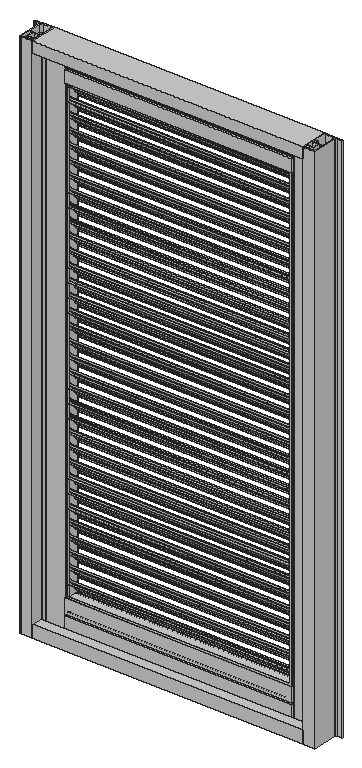
Revit family
Parameters (values of type "OHL-Louver Door")
  Width = Opening Width - 10.00 mm  # 1090.00 mm
  URL = "http://www.productspec.net/products/18508/holyoake-industries-ltd/louver-door-ohl-louver-door.aspx"
  Type Comments = "Louvre Door System"  # constant formula
  Tolerance = 3.00 mm  # constant formula
  Thickness = Door Post Depth  # 47.00 mm
  Technical Data = "http://www.productspec.net/products/18508/holyoake-industries-ltd/louver-door-ohl-louver-door.aspx"
  Structural Tolerance = 5.00 mm  # constant formula
  Rough Width = Width  # 1090.00 mm
  Rough Height = Height  # 1980.00 mm
  Overall Width = Opening Width + 40.00 mm  # 1140.00 mm
  Opening Width = 1100.00 mm
  Nominal Width = Overall Width + 10.00 mm  # 1150.00 mm
  Nominal Height = Height + 10.00 mm  # 1990.00 mm
  Model = "OHL - Louvre Door"  # constant formula
  Material Frame = Louver Door - Holyoake - Frame, Aluminium
  Material Handle = Louver Door - Holyoake - Handle, Stainless Steel
  Manufacturer = "Holyoake Industries Ltd"  # constant formula
  Louvre Width = Width - 2 * (Door Jamb Width + Door Post Width + 2 * Tolerance)  # 835.00 mm
  Louvre Offset = Frame Transom Width + Structural Tolerance + Door Transom Width  # 136.00 mm
  Louvre Height = Height - 2 * Louvre Offset  # 1708.00 mm
  Louvre Door Panel Width = Width - 2 * (Door Jamb Width + Tolerance)  # 995.00 mm
  Lock = "Standard Lockwood Set"  # constant formula
  Wall Closure = (empty or 0)
  Height = 1980.00 mm
  Handle Z Distance = 900.00 mm
  Front of Door = "Rubber seal on the closing face"  # constant formula
  Frame Transom Width = 20.00 mm  # constant formula
  Flange Width = 25.00 mm  # constant formula
  Door Transom Width = 111.00 mm  # constant formula
  Door Post Width = 77.00 mm  # constant formula
  Door Post Depth = 47.00 mm  # constant formula
  Door Jamb Width = 44.50 mm  # constant formula
  Door Jamb Depth = 101.00 mm  # constant formula
  Door Hinge = "Stainless Steel"  # constant formula
  Door Handle Offset = Overall Width - Flange Width - Door Jamb Width - 3 * Tolerance - Door Post Width - Louvre Width - 49.05 mm  # 100.45 mm
  Description = "Holyoake Louvre Door System"  # constant formula
  Created By = "Productspec Ltd"  # constant formula
  Construction Type = "Extruded aluminium box section to provide the strength required to hang a large louvre door"  # constant formula
  Author = "Zinder Zhao"  # constant formula
Reference planes
  plane 1: y = 0
  plane 2 "Center (Left/Right)": x = 11
  plane 3 "Exterior": y = 75
  plane 4 "Interior": y = -75
  plane 5 "Opening Top": z = 1980
  plane 6 "Structural Tolerance - Door Head": z = 1955
  plane 7 "Under Cut": z = 0
  plane 8: y = 33
  plane 9: z = 990
  plane 10: z = 1960
  plane 11: z = 20
  plane 12: z = 136
  plane 13: z = 1844
  plane 14: z = 25
  plane 15: x = -539
  plane 16: x = 561
  plane 17: x = -534
  plane 18: y = -21
  plane 19: x = -489.5
  plane 20: x = -409.5
  plane 21: x = -559
  plane 22: x = 556
  plane 23: x = 511.5
  plane 24: x = 431.5
  plane 25: x = 581
  plane 26: y = 1075
  plane 27: x = -406.5
  plane 28: x = 428.5
  plane 29: x = -486.5
  plane 30: x = 508.5
  plane 31 "Door Panel": y = 80
  plane 32: x = 480.55
  plane 33: y = 1175
  plane 34: z = 900
  plane 35: x = -564
  plane 36: x = 586
  plane 37: z = 1990
Forms (mm)
  Extrusion 1, solid, material "Louver Door - Holyoake - Frame, Aluminium" <- "Material Frame"
    sketch origin (11, -3, 0) x (0, -1, 0) y (0, 0, -1)
      loop
        line (-83, -1980) -> (18, -1980) -> (18, -1939.95) -> (-18.4, -1939.95) -> (-18.4, -1960) -> (-83, -1960) -> (-83, -1980)
      loop
        line (-83, 0) -> (-83, -20) -> (-18.4, -20) -> (-18.4, -45.05) -> (18, -45.05) -> (18, 0) -> (-83, 0)
    from -500.5 to 500.5
  Extrusion 2, solid, material "Louver Door - Holyoake - Frame, Aluminium" <- "Material Frame", detail levels fine
    sketch origin (0, 3, 0) x (1, 0, 0) y (0, 1, 0)
      loop
        line (508.5, 30) -> (508.5, 77) -> (509.593, 83.077)
        arc (509.593, 83.077) -> (510.307, 84.147) -> (511.526, 84.561) r 2.001
        line (511.526, 84.561) -> (512.853, 84.561) -> (512.853, 77) -> (518.011, 77) -> (518.011, 84.561) -> (519.34, 84.561) -> (519.34, 88.277) -> (510.45, 88.277)
        arc (510.45, 88.277) -> (509.232, 87.864) -> (508.517, 86.796) r 2.002
        line (508.517, 86.796) -> (506.827, 78.484)
        arc (506.827, 78.484) -> (506.112, 77.414) -> (504.893, 77) r 2.002
        line (504.893, 77) -> (431.5, 77) -> (431.5, 74) -> (433, 74) -> (433, 66) -> (431.5, 66) -> (431.5, 41) -> (433, 41) -> (433, 33) -> (431.5, 33) -> (431.5, 30) -> (508.5, 30)
      loop
        line (506.5, 32) -> (506.5, 75) -> (435, 75) -> (435, 64) -> (433.5, 64) -> (433.5, 43) -> (435, 43) -> (435, 32) -> (506.5, 32)
    from 25 to 1955
  Extrusion 3, solid, material "Louver Door - Holyoake - Frame, Aluminium" <- "Material Frame", detail levels fine
    sketch origin (11, 0, 0) x (0, -1, 0) y (0, 0, -1)
      loop
        line (-73, -1955) -> (-73, -1945) -> (-30.5, -1945) -> (-30.5, -1898.46) -> (-43.33, -1898.46) -> (-43.33, -1892)
        arc (-43.33, -1892) -> (-42.451, -1889.879) -> (-40.33, -1889) r 3
        line (-40.33, -1889) -> (-30.5, -1889) -> (-30.5, -1844) -> (-71.997, -1844) -> (-71.997, -1847) -> (-75, -1847) -> (-75, -1844) -> (-77, -1844) -> (-77, -1849) -> (-71.997, -1849) -> (-71.997, -1857) -> (-75, -1857) -> (-75, -1955) -> (-73, -1955)
      loop
        line (-32.5, -1943) -> (-32.5, -1926.46) -> (-59.81, -1926.46) -> (-59.81, -1900.46) -> (-73, -1900.46) -> (-73, -1943) -> (-32.5, -1943)
      loop
        line (-32.5, -1887) -> (-32.5, -1846) -> (-70, -1846) -> (-70, -1858.98) -> (-73, -1858.98) -> (-73, -1898.46) -> (-45.33, -1898.46) -> (-45.33, -1892)
        arc (-45.33, -1892) -> (-43.866, -1888.464) -> (-40.33, -1887) r 5
        line (-40.33, -1887) -> (-32.5, -1887)
      loop
        line (-32.5, -1900.46) -> (-57.81, -1900.46) -> (-57.81, -1924.46) -> (-32.5, -1924.46) -> (-32.5, -1900.46)
      loop
        line (-73, -25) -> (-75, -25) -> (-75, -123) -> (-71.997, -123) -> (-71.997, -131) -> (-77, -131) -> (-77, -136) -> (-75, -136) -> (-75, -133) -> (-71.997, -133) -> (-71.997, -136) -> (-30.5, -136) -> (-30.5, -86) -> (-40.33, -86)
        arc (-40.33, -86) -> (-42.451, -85.121) -> (-43.33, -83) r 3
        line (-43.33, -83) -> (-43.33, -76.54) -> (-30.5, -76.54) -> (-30.5, -35) -> (-73, -35) -> (-73, -25)
      loop
        line (-32.5, -37) -> (-73, -37) -> (-73, -74.54) -> (-59.81, -74.54) -> (-59.81, -48.54) -> (-32.5, -48.54) -> (-32.5, -37)
      loop
        line (-32.5, -88) -> (-40.33, -88)
        arc (-40.33, -88) -> (-43.866, -86.536) -> (-45.33, -83) r 5
        line (-45.33, -83) -> (-45.33, -76.54) -> (-73, -76.54) -> (-73, -121.02) -> (-70, -121.02) -> (-70, -134) -> (-32.5, -134) -> (-32.5, -88)
      loop
        line (-32.5, -74.54) -> (-32.5, -50.54) -> (-57.81, -50.54) -> (-57.81, -74.54) -> (-32.5, -74.54)
    from -420.5 to 420.5
  Sweep 4, solid, material "Louver Door - Holyoake - Frame, Aluminium" <- "Material Frame", detail levels fine
    path origin (0, 80, 0) x (-1, 0, 0) y (0, 0, 1)
      loop
        line (-556, 0) -> (-556, 1980)
    profile "Family1 : Family1" origin (556, 80, 990) x (-1, 0, 0) y (0, -1, 0)
      loop
        line (42.5, 61.46) -> (42.5, 85.46) -> (17.19, 85.46) -> (17.19, 61.46) -> (42.5, 61.46)
      loop
        line (42.5, 48) -> (34.67, 48)
        arc (34.67, 48) -> (31.134, 49.464) -> (29.67, 53) r 5
        line (29.67, 53) -> (29.67, 59.46) -> (2, 59.46) -> (2, 14.98) -> (5, 14.98) -> (5, 2) -> (42.5, 2) -> (42.5, 48)
      loop
        line (42.5, 99) -> (2, 99) -> (2, 61.46) -> (15.19, 61.46) -> (15.19, 87.46) -> (42.5, 87.46) -> (42.5, 99)
      loop
        line (0, 101) -> (0, 13) -> (3.003, 13) -> (3.003, 5) -> (-2, 5) -> (-2, 2) -> (-20.172, 2) -> (-22.172, 4) -> (-22.172, 5) -> (-25, 5) -> (-25, 4) -> (-21, 0) -> (0, 0) -> (0, 3) -> (3.003, 3) -> (3.003, 0) -> (44.5, 0) -> (44.5, 50) -> (34.67, 50)
        arc (34.67, 50) -> (32.549, 50.879) -> (31.67, 53) r 3
        line (31.67, 53) -> (31.67, 59.46) -> (44.5, 59.46) -> (44.5, 101) -> (0, 101)
  Sweep 5, solid, material "Louver Door - Holyoake - Frame, Aluminium", detail levels fine
    path origin (0, 80, 0) x (-1, 0, 0) y (0, 0, 1)
      loop
        line (534, 0) -> (534, 1980)
    profile "Family1 : Family1" origin (-534, 80, 990) x (-1, 0, 0) y (0, -1, 0)
      loop
        line (-42.5, 61.46) -> (-17.19, 61.46) -> (-17.19, 85.46) -> (-42.5, 85.46) -> (-42.5, 61.46)
      loop
        line (-42.5, 48) -> (-42.5, 2) -> (-5, 2) -> (-5, 14.98) -> (-2, 14.98) -> (-2, 59.46) -> (-29.67, 59.46) -> (-29.67, 53)
        arc (-29.67, 53) -> (-31.134, 49.464) -> (-34.67, 48) r 5
        line (-34.67, 48) -> (-42.5, 48)
      loop
        line (-42.5, 99) -> (-42.5, 87.46) -> (-15.19, 87.46) -> (-15.19, 61.46) -> (-2, 61.46) -> (-2, 99) -> (-42.5, 99)
      loop
        line (0, 101) -> (-44.5, 101) -> (-44.5, 59.46) -> (-31.67, 59.46) -> (-31.67, 53)
        arc (-31.67, 53) -> (-32.549, 50.879) -> (-34.67, 50) r 3
        line (-34.67, 50) -> (-44.5, 50) -> (-44.5, 0) -> (-3.003, 0) -> (-3.003, 3) -> (0, 3) -> (0, 0) -> (21, 0) -> (25, 4) -> (25, 5) -> (22.172, 5) -> (22.172, 4) -> (20.172, 2) -> (2, 2) -> (2, 5) -> (-3.003, 5) -> (-3.003, 13) -> (0, 13) -> (0, 101)
  Extrusion 6, solid, material "Louver Door - Holyoake - Frame, Aluminium" <- "Material Frame", detail levels fine
    sketch origin (22, 3, 0) x (-1, 0, 0) y (0, -1, 0)
      loop
        line (504.893, -30) -> (431.5, -30) -> (431.5, -33) -> (433, -33) -> (433, -41) -> (431.5, -41) -> (431.5, -66) -> (433, -66) -> (433, -74) -> (431.5, -74) -> (431.5, -77) -> (508.5, -77) -> (508.5, -30) -> (509.593, -23.923)
        arc (509.593, -23.923) -> (510.307, -22.853) -> (511.526, -22.439) r 2.001
        line (511.526, -22.439) -> (514.183, -22.439) -> (514.183, -21.439) -> (512.853, -21.439) -> (512.853, -19.723) -> (518.013, -19.723) -> (518.013, -21.439) -> (516.683, -21.439) -> (516.683, -22.439) -> (519.34, -22.439) -> (519.34, -18.723) -> (510.45, -18.723)
        arc (510.45, -18.723) -> (509.232, -19.136) -> (508.517, -20.204) r 2.002
        line (508.517, -20.204) -> (506.827, -28.516)
        arc (506.827, -28.516) -> (506.112, -29.586) -> (504.893, -30) r 2.002
      loop
        line (506.5, -32) -> (435, -32) -> (435, -43) -> (433.5, -43) -> (433.5, -64) -> (435, -64) -> (435, -75) -> (506.5, -75) -> (506.5, -32)
    from 25 to 1955
  Extrusion 7, solid, material "Louver Door - Holyoake - Frame, Aluminium", detail levels coarse+medium
    sketch origin (0, 0, 0) x (1, 0, 0) y (0, 1, 0)
      loop
        line (-489.5, 30.5) -> (511.5, 30.5) -> (511.5, 80) -> (-489.5, 80) -> (-489.5, 30.5)
    from 25 to 1955
  Extrusion 8, solid, material "Louver Door - Holyoake - Frame, Aluminium", detail levels coarse+medium
    sketch origin (0, 0, 0) x (1, 0, 0) y (0, 1, 0)
      loop
        line (-539, -21) -> (-489.5, -21) -> (-489.5, 80) -> (-539, 80) -> (-539, -21)
      loop
        line (511.5, -21) -> (561, -21) -> (561, 80) -> (511.5, 80) -> (511.5, -21)
    from 0 to 1980
Lines and regions (mm)
  Opening 1
    outline origin (-5000, -75, 0) x (1, 0, 0) y (0, 0, 1)
      loop
        line (4461, 0) -> (5561, 0) -> (5561, 1980) -> (4461, 1980) -> (4461, 0)
  Masking region 1, detail levels coarse
    outline origin (0, 0, 0) x (0, -1, 0) y (1, 0, 0)
      loop
        line (75, 561) -> (-80, 561) -> (-80, -539) -> (75, -539) -> (75, 561)
  model lines
    curve 1: line (-534, 75, 0) -> (-534, 75, 1955)
    curve 2: line (556, 75, 1955) -> (556, 75, 0)
  symbolic lines, style "Elevation Swing", detail levels coarse
    curve 3: arc (508.5, 80, 0) -> (217.071, 783.571, 0) -> (-486.5, 1075, 0) r 995
  symbolic lines, style "DoorsPanelProjection", detail levels medium+fine
    curve 4: line (-486.5, 1075, 0) -> (-486.5, 80, 0)
    curve 7: line (-486.5, 80, 0) -> (-436.9, 80, 0)
    curve 8: line (-436.9, 80, 0) -> (-436.9, 1075, 0)
    curve 9: line (-436.9, 1075, 0) -> (-486.5, 1075, 0)
  symbolic lines, style "Plan Swing", detail levels coarse
    curve 5: line (-539, 75, 0) -> (-539, 1175, 0)
    curve 6: arc (561, 75, 0) -> (238.817, 852.817, 0) -> (-539, 1175, 0) r 1100
  symbolic lines, style "Elevation Swing"
    curve 10: line (508.517, 80, 1955) -> (-406.5, 80, 990)
    curve 11: line (508.517, 80, 25) -> (-406.5, 80, 990)
Text (mm)
  text "Exterior" at (-2302.997, 772.319, 0), in view "Ref. Level"
  text "Exterior" at (0, 1615.38, 3698.081), in view "Left"
  text "Exterior" at (0, 1036.032, 3874.932), in view "Right"
Dimensions and locks
  locked: plane 3 "Exterior" to host wall at 0
  locked: host wall to plane 4 "Interior"
  "Height": plane 5 "Opening Top" to level
  equal spacing: plane 5 "Opening Top", plane 9, level
  "Structural Tolerance": plane 10 to plane 6 "Structural Tolerance - Door Head"
  "Structural Tolerance": plane 14 to plane 11
  "Door Transom Width": plane 12 to plane 14
  "Door Transom Width": plane 6 "Structural Tolerance - Door Head" to plane 13
  "Frame Transom Width": plane 11 to plane 7 "Under Cut"
  "Louvre Height": plane 13 to plane 12
  "Structural Tolerance": plane 15 to plane 17
  "Width": plane 17 to plane 22
  "Opening Width": plane 15 to plane 16
  "Overall Width": plane 21 to plane 25
  "Flange Width": plane 21 to plane 17
  "Tolerance": plane 20 to plane 27
  "Tolerance": plane 28 to plane 24
  "Tolerance": plane 19 to plane 29
  "Tolerance": plane 30 to plane 23
  equal spacing: plane 27, plane 2 "Center (Left/Right)", plane 28
  "Louvre Width": plane 27 to plane 28
  "Door Post Width": plane 24 to plane 30
  "Door Post Width": plane 29 to plane 20
  "Door Jamb Depth": plane 18 to plane 31 "Door Panel"
  "Door Jamb Width": plane 17 to plane 19
  "Louvre Door Panel Width": plane 31 "Door Panel" to plane 26
  "Door Handle Offset": plane 32 to plane 25
  "Opening Width": plane 33 to host wall
  "Handle Z Distance": plane 7 "Under Cut" to plane 34
  locked: plane 3 "Exterior" to plane 31 "Door Panel" at 5
  "Door Post Depth": plane 8 to plane 31 "Door Panel"
  locked: plane 25 to plane 36 at 5
  "Nominal Width": plane 35 to plane 36
  "Nominal Height": plane 7 "Under Cut" to plane 37
  "Louvre Door Panel Width": radius of curve 3
  "Opening Width": radius of curve 6
  aligned and locked: plane 1 to host wall
  aligned and locked: level to plane 7 "Under Cut"
  aligned and locked: nested 1 to plane 31 "Door Panel"
  aligned and locked: Extrusion 2 to plane 30
  aligned and locked: plane 24 to Extrusion 2
  aligned and locked: plane 31 "Door Panel" to Extrusion 2
  aligned and locked: nested 1 to plane 32
  aligned and locked: plane 23 to Extrusion 1
  aligned and locked: plane 19 to Extrusion 1
  aligned and locked: Extrusion 1 sketch curve to plane 18
  aligned and locked: plane 31 "Door Panel" to Extrusion 1 sketch curve
  aligned and locked: Extrusion 1 sketch curve to plane 31 "Door Panel"
  aligned and locked: plane 18 to Extrusion 1 sketch curve
  aligned and locked: Extrusion 3 to plane 20
  aligned and locked: Extrusion 3 to plane 24
  aligned and locked: Masking region 1 sketch curve to Extrusion 1
  aligned and locked: plane 6 "Structural Tolerance - Door Head" to Extrusion 2
  aligned and locked: plane 34 to nested 1
  aligned and locked: plane 8 to Extrusion 2
  aligned and locked: plane 22 to Sweep 4 sketch curve
  aligned and locked: Sweep 5 sketch curve to plane 17
  aligned and locked: plane 5 "Opening Top" to Sweep 5 sketch curve
  aligned and locked: level to Sweep 5 sketch curve
  aligned and locked: plane 5 "Opening Top" to Sweep 4 sketch curve
  aligned and locked: level to Sweep 4 sketch curve
  aligned and locked: Extrusion 2 to plane 14
  aligned and locked: Extrusion 7 sketch curve to plane 31 "Door Panel"
  aligned and locked: Masking region 1 to plane 15
  aligned and locked: plane 16 to Masking region 1
  aligned and locked: Extrusion 7 sketch curve to plane 19
  aligned and locked: Extrusion 7 sketch curve to plane 23
  aligned and locked: plane 18 to Extrusion 8 sketch curve  (x2)
  aligned and locked: plane 19 to Extrusion 8 sketch curve
  aligned and locked: Extrusion 8 sketch curve to plane 31 "Door Panel"  (x2)
  aligned and locked: plane 23 to Extrusion 8 sketch curve
  aligned and locked: Extrusion 8 to level
  aligned and locked: plane 5 "Opening Top" to Extrusion 8
  aligned and locked: host wall to Masking region 1
  aligned and locked: Extrusion 8 sketch curve to plane 15
  aligned and locked: plane 16 to Extrusion 8 sketch curve
  aligned and locked: Extrusion 7 to plane 14
  aligned and locked: plane 6 "Structural Tolerance - Door Head" to Extrusion 7
  aligned and locked: Extrusion 7 sketch curve to Extrusion 3
  aligned and locked: plane 6 "Structural Tolerance - Door Head" to Extrusion 6
Automatic sketch dimensions
  curve 5 to host wall = 0.00 mm
  curve 5 to plane 15 = 0.00 mm
  curve 4 to plane 26 = 0.00 mm
  curve 4 to plane 29 = 0.00 mm
  curve 7 to plane 31 "Door Panel" = 0.00 mm
  curve 6 to host wall = 0.00 mm
  plane 20 to curve 7 = 27.40 mm
  Opening 1 sketch curve to plane 5 "Opening Top" = 0.00 mm
  Opening 1 sketch curve to plane 15 = 0.00 mm
  Opening 1 sketch curve to plane 16 = 0.00 mm
  Opening 1 sketch curve to level = 0.00 mm
  Extrusion 1 sketch curve to plane 10 = 0.00 mm
  Extrusion 1 sketch curve to plane 11 = 0.00 mm
  Extrusion 1 sketch curve to level = 0.00 mm
  Extrusion 1 sketch curve to plane 5 "Opening Top" = 0.00 mm
  host wall to Extrusion 1 sketch curve = 15.40 mm  (x2)
  Extrusion 1 sketch curve to plane 14 = 20.05 mm
  plane 6 "Structural Tolerance - Door Head" to Extrusion 1 sketch curve = 15.05 mm
  Extrusion 2 sketch curve to plane 24 = 0.00 mm  (x3)
  Extrusion 2 sketch curve to plane 8 = 0.00 mm
  Extrusion 2 sketch curve to plane 31 "Door Panel" = 0.00 mm  (x3)
  Extrusion 2 sketch curve to plane 30 = 0.00 mm
  Extrusion 2 sketch curve to Extrusion 2 sketch curve = 1.50 mm  (x3)
  Extrusion 2 sketch curve to plane 24 = 2.00 mm
  Extrusion 2 sketch curve to Extrusion 2 sketch curve = 2.00 mm  (x3)
  plane 30 to Extrusion 2 sketch curve = 3.607 mm
  plane 30 to Extrusion 2 sketch curve = 2.00 mm
  plane 30 to Extrusion 2 sketch curve = 1.673 mm
  Extrusion 2 sketch curve to plane 30 = 0.017 mm
  Extrusion 2 sketch curve to plane 30 = 1.093 mm
  Extrusion 2 sketch curve to plane 23 = 1.05 mm
  plane 23 to Extrusion 2 sketch curve = 0.026 mm
  Extrusion 2 sketch curve to Extrusion 2 sketch curve = 1.327 mm
  Extrusion 2 sketch curve to Extrusion 2 sketch curve = 5.158 mm
  Extrusion 2 sketch curve to Extrusion 2 sketch curve = 1.328 mm
  plane 31 "Door Panel" to Extrusion 2 sketch curve = 1.484 mm
  plane 31 "Door Panel" to Extrusion 2 sketch curve = 5.559 mm
  Extrusion 2 sketch curve to Extrusion 2 sketch curve = 0.517 mm
  Extrusion 2 sketch curve to Extrusion 2 sketch curve = 0.00 mm
  Extrusion 2 sketch curve to Extrusion 2 sketch curve = 1.714 mm
  Extrusion 2 sketch curve to Extrusion 2 sketch curve = 0.52 mm
  Extrusion 2 sketch curve to plane 31 "Door Panel" = 2.00 mm
  Extrusion 2 sketch curve to host wall = 2.00 mm
  host wall to Extrusion 2 sketch curve = 6.00 mm
  plane 8 to Extrusion 2 sketch curve = 13.00 mm
  plane 8 to Extrusion 2 sketch curve = 3.00 mm
  plane 8 to Extrusion 2 sketch curve = 2.00 mm
  Extrusion 3 sketch curve to Extrusion 3 sketch curve = 0.00 mm  (x8)
  Extrusion 3 sketch curve to plane 12 = 0.00 mm  (x2)
  Extrusion 3 sketch curve to plane 13 = 0.00 mm  (x2)
  Extrusion 3 sketch curve to host wall = 0.00 mm  (x4)
  Extrusion 3 sketch curve to plane 14 = 0.00 mm
  Extrusion 3 sketch curve to plane 6 "Structural Tolerance - Door Head" = 0.00 mm
  Extrusion 3 sketch curve to host wall = 2.00 mm  (x2)
  host wall to Extrusion 3 sketch curve = 2.00 mm  (x4)
  Extrusion 3 sketch curve to Extrusion 3 sketch curve = 1.003 mm
  Extrusion 3 sketch curve to Extrusion 3 sketch curve = 3.003 mm
  Extrusion 3 sketch curve to Extrusion 3 sketch curve = 1.997 mm  (x2)
  Extrusion 3 sketch curve to Extrusion 3 sketch curve = 13.19 mm  (x2)
  Extrusion 3 sketch curve to Extrusion 3 sketch curve = 2.00 mm  (x16)
  plane 8 to Extrusion 3 sketch curve = 12.33 mm  (x2)
  Extrusion 3 sketch curve to Extrusion 3 sketch curve = 3.00 mm  (x2)
  Extrusion 3 sketch curve to plane 8 = 0.50 mm  (x6)
  Extrusion 3 sketch curve to plane 8 = 2.50 mm  (x2)
  Extrusion 3 sketch curve to plane 13 = 2.00 mm
  Extrusion 3 sketch curve to Extrusion 3 sketch curve = 10.00 mm
  Extrusion 3 sketch curve to Extrusion 3 sketch curve = 11.54 mm
  Extrusion 3 sketch curve to Extrusion 3 sketch curve = 24.00 mm  (x3)
  Extrusion 3 sketch curve to Extrusion 3 sketch curve = 6.46 mm  (x3)
  plane 12 to Extrusion 3 sketch curve = 14.98 mm
  Extrusion 3 sketch curve to Extrusion 3 sketch curve = 1.98 mm  (x2)
  plane 12 to Extrusion 3 sketch curve = 5.00 mm
  plane 12 to Extrusion 3 sketch curve = 2.00 mm
  Extrusion 3 sketch curve to Extrusion 3 sketch curve = 1.00 mm
  Extrusion 3 sketch curve to Extrusion 3 sketch curve = 8.00 mm
  Extrusion 3 sketch curve to Extrusion 3 sketch curve = 41.00 mm
  plane 6 "Structural Tolerance - Door Head" to Extrusion 3 sketch curve = 12.00 mm
  Masking region 1 sketch curve to host wall = 0.00 mm
  Masking region 1 sketch curve to plane 15 = 0.00 mm
  Masking region 1 sketch curve to plane 16 = 0.00 mm
  curve 1 to plane 6 "Structural Tolerance - Door Head" = 0.00 mm
  curve 1 to plane 17 = 0.00 mm
  curve 2 to level = 0.00 mm
  curve 2 to plane 22 = 0.00 mm
  curve 1 to level = 0.00 mm
  curve 2 to plane 6 "Structural Tolerance - Door Head" = 0.00 mm
  Extrusion 6 sketch curve to plane 20 = 0.00 mm  (x3)
  Extrusion 6 sketch curve to plane 8 = 0.00 mm  (x2)
  Extrusion 6 sketch curve to plane 29 = 0.00 mm
  Extrusion 6 sketch curve to plane 31 "Door Panel" = 0.00 mm
  Extrusion 6 sketch curve to Extrusion 6 sketch curve = 1.50 mm  (x2)
  plane 20 to Extrusion 6 sketch curve = 2.00 mm
  Extrusion 6 sketch curve to Extrusion 6 sketch curve = 2.00 mm  (x4)
  Extrusion 6 sketch curve to Extrusion 6 sketch curve = 3.607 mm
  plane 29 to Extrusion 6 sketch curve = 2.00 mm
  plane 29 to Extrusion 6 sketch curve = 1.673 mm
  Extrusion 6 sketch curve to plane 29 = 0.017 mm
  Extrusion 6 sketch curve to plane 29 = 1.093 mm
  plane 19 to Extrusion 6 sketch curve = 1.05 mm
  Extrusion 6 sketch curve to plane 19 = 0.026 mm
  Extrusion 6 sketch curve to plane 19 = 1.353 mm
  Extrusion 6 sketch curve to Extrusion 6 sketch curve = 1.33 mm  (x2)
  Extrusion 6 sketch curve to Extrusion 6 sketch curve = 2.50 mm
  Extrusion 6 sketch curve to Extrusion 6 sketch curve = 1.327 mm
  plane 31 "Door Panel" to Extrusion 6 sketch curve = 2.00 mm
  host wall to Extrusion 6 sketch curve = 2.00 mm
  Extrusion 6 sketch curve to host wall = 6.00 mm
  Extrusion 6 sketch curve to plane 8 = 13.00 mm
  Extrusion 6 sketch curve to plane 8 = 3.00 mm
  Extrusion 6 sketch curve to plane 8 = 2.00 mm
  plane 8 to Extrusion 6 sketch curve = 1.484 mm
  plane 8 to Extrusion 6 sketch curve = 5.559 mm
  Extrusion 6 sketch curve to Extrusion 6 sketch curve = 0.517 mm
  Extrusion 6 sketch curve to Extrusion 6 sketch curve = 0.00 mm
  Extrusion 6 sketch curve to Extrusion 6 sketch curve = 1.00 mm  (x3)
  Extrusion 6 sketch curve to Extrusion 6 sketch curve = 1.714 mm
  Extrusion 6 sketch curve to Extrusion 6 sketch curve = 0.52 mm
  curve 11 to plane 14 = 0.00 mm
  curve 10 to plane 6 "Structural Tolerance - Door Head" = 0.00 mm
  curve 11 to plane 9 = 0.00 mm
  curve 11 to plane 27 = 0.00 mm
  curve 10 to plane 30 = 0.017 mm
  curve 11 to plane 30 = 0.017 mm
Nested families
  nested 1: "Handle (4)" at (480.55, 80, 900) x (-1, 0, 0) z (0, 0, 1), type "Handle (4)", detail levels medium+fine
  nested 2: "Holyoake_OutsideLouvre_OHL-F-45_supply" at (14, 84.7, 136), built-in parameter 1001364 <- "Louvre Offset", type "OHL-F-45"
    with Overall Opening 1705.40 mm, Nominal Width 841.00 mm, Nominal Height 1714.00 mm, Exact Overall Flange Height 1756.20 mm, Exact Overall Flange Width 883.20 mm, Exact Neck Width 835.00 mm, Exact Neck Height 1708.00 mm, Top Blade Height 55.40 mm, Blade Length 832.40 mm, Blade Cut Setout 1650.00 mm, Blade Count 33, Blade Array Count 34.108
Definition of nested family "Handle (4)"
  Parameters (values of type "Handle (4)")
    Material Ironmongery = Louver Door - Holyoake - Handle, Stainless Steel
    Handle/Panel Offset = 50.00 mm
    Handle Z Distance = 0.00 mm
    Handle X Distance = 75.00 mm
    Handle Radius = 10.00 mm
    Handle Length = 200.00 mm
    Handle Spindle Offset = 20.00 mm
    Assembly Code = ""
  Reference planes
    plane 1 "Center (Front/Back)": y = 0
    plane 2: z = 0
    plane 3 "C/L Handel": x = 0
    plane 4: z = 0
    plane 5: z = 100
    plane 6: z = -100
    plane 7: z = 80
    plane 8: z = -80
    plane 9 "Center (Left/Right)": x = -75
    plane 10: y = 50
  Forms (mm)
    Extrusion 1, solid, material "Louver Door - Holyoake - Handle, Stainless Steel" <- "Material Ironmongery"
      sketch origin (0, 0, 0) x (1, 0, 0) y (0, 0, 1)
        loop
          circle (0, 80) r 10
        loop
          circle (0, -80) r 10
      from 0 to -50
    Revolve 2, solid, material "Louver Door - Holyoake - Handle, Stainless Steel" <- "Material Ironmongery"
      sketch origin (0, 50, 0) x (1, 0, 0) y (0, 0, 1)
        loop
          line (0, 100) -> (-10, 100) -> (-10, 94) -> (-8.032, 94) -> (-8.032, 89.765) -> (-10, 89.765) -> (-10, -89.765) -> (-8.032, -89.765) -> (-8.032, -94) -> (-10, -94) -> (-10, -100) -> (0, -100) -> (0, 100)
        axis (0, -100) -> (0, 100)
      angle from 0 to 360
  Dimensions and locks
    "Handle Z Distance": plane 4 to level
    equal spacing: plane 5, plane 4, plane 6
    "Handle Length": plane 5 to plane 6
    "Handle Spindle Offset": plane 5 to plane 7
    "Handle Spindle Offset": plane 8 to plane 6
    "Handle X Distance": plane 9 "Center (Left/Right)" to plane 3 "C/L Handel"
    "Handle/Panel Offset": plane 10 to plane 1 "Center (Front/Back)"
    "Handle Radius": plane 3 "C/L Handel" to Revolve 2 sketch curve
    "Handle Radius": radius of Extrusion 1 sketch curve  (x2)
    aligned and locked: plane 10 to Extrusion 1
    aligned and locked: Extrusion 1 to plane 1 "Center (Front/Back)"
  Automatic sketch dimensions
    Extrusion 1 sketch curve to plane 3 "C/L Handel" = 0.00 mm  (x2)
    Extrusion 1 sketch curve to plane 8 = 0.00 mm
    Extrusion 1 sketch curve to plane 7 = 0.00 mm
    Revolve 2 sketch curve to plane 6 = 0.00 mm
    Revolve 2 sketch curve to plane 3 "C/L Handel" = 0.00 mm  (x2)
    Revolve 2 sketch curve to plane 5 = 0.00 mm
    Revolve 2 sketch curve to Revolve 2 sketch curve = 0.00 mm  (x2)
    Revolve 2 sketch curve to Revolve 2 sketch curve = 1.968 mm  (x2)
    plane 6 to Revolve 2 sketch curve = 25.00 mm
    Revolve 2 sketch curve to plane 6 = 6.00 mm
    Revolve 2 sketch curve to Revolve 2 sketch curve = 4.235 mm  (x2)
    Revolve 2 sketch curve to Revolve 2 sketch curve = 10.235 mm
    Revolve 2 sketch curve to plane 5 = 45.00 mm
Definition of nested family "Holyoake_OutsideLouvre_OHL-F-45_supply"
  Parameters (values of type "OHL-F-45")
    URL = "http://www.productspec.net/products/18503/holyoake-industries-ltd/small-blade-outside-horizontal-louvers-ohl-45.aspx"
    Type Comments = "45mm Horizontal Curved Profile Louvers in Flanged Surround"
    Technical Data = "http://www.collate.co.nz/nas/TechnicalFiles/2367/p18502/F6-F7%20OHL45%2034.pdf"
    Ownership = "Holyoake Industries Limited"
    Overall Opening = Exact Neck Height - 2.60 mm  # 1125.40 mm
    Louver Depth = 51.70 mm
    Nominal Width = 741.00 mm
    Nominal Height = 1134.00 mm
    Model = "OHL-F-45"
    Manufacturer = "Holyoake Industries Limited"
    Keynote = ""
    Flange Width = 25.40 mm
    Flange Thickness = 4.70 mm
    Exact Overall Flange Height = Nominal Height + 42.20 mm  # 1176.20 mm
    Exact Overall Flange Width = Nominal Width + 42.20 mm  # 783.20 mm
    Exact Neck Width = Nominal Width - 6.00 mm  # 735.00 mm
    Exact Neck Height = Nominal Height - 6.00 mm  # 1128.00 mm
    Description = "Holyoake Outside Horizontal Louver"
    Created By = "Productspec Limited"
    Frame & Blades = none
    Top Blade Height = Overall Opening - Blade Cut Setout  # 25.40 mm
    Blade Width = 44.80 mm
    Blade Pitch = 50.00 mm
    Blade Offset = (Louver Depth - Blade Width) / 2  # 3.45 mm
    Blade Length = Exact Neck Width - 2.60 mm  # 732.40 mm
    Blade Height = 61.60 mm
    Blade Cut Setout = Blade Count * Blade Pitch  # 1100.00 mm
    Blade Count = Blade Array Count - 1  # 22
    Blade Array Count = Overall Opening / Blade Pitch  # 22.508
    Author = "Zinder Zhao"
    Assembly Code = ""
    Accessories = "Aluminium Bird mesh or insect mesh (fibreglass)"
  Reference planes
    plane 1 "Center (Front/Back)": y = 0
    plane 2: z = 1.3
    plane 3 "Center (Left/Right)": x = -3
    plane 4: x = -369.2
    plane 5: x = 363.2
    plane 6 "Overall Opening": z = 1126.7
    plane 7: y = 51.7
    plane 8: z = 51.3
    plane 9: y = 3.45
    plane 10: y = 4.7
    plane 11: x = -370.5
    plane 12: x = 364.5
    plane 13: x = -394.6
    plane 14: x = 388.6
    plane 15: x = 367.5
    plane 16: x = -373.5
    plane 17: z = -24.1
    plane 18: z = 1152.1
    plane 19: z = 1128
    plane 20: z = -3
    plane 21: z = 1131
    plane 22: z = 62.9
    plane 23 "Cut Blade Setout": z = 1101.3
    plane 24: y = 48.25
    plane 25: z = 564
    plane 26: z = 0
  Forms (mm)
    Sweep 1, solid, material <- "Frame & Blades", detail levels medium+fine
      path origin (0, 0, 0) x (1, 0, 0) y (0, 0, 1)
        loop
          line (363.2, 1.3) -> (363.2, 1126.7) -> (-369.2, 1126.7) -> (-369.2, 1.3) -> (363.2, 1.3)
      profile "Holyoake_OutsideLouvre_OHL-45_Flange_profile : OHL-45 Flange Profile" origin (363.2, 0, 564) x (-1, 0, 0) y (0, -1, 0)
        loop
          line (-25.4, -4.7) -> (-21.359, -4.7) -> (-19.1, -1.6) -> (-19.1, -4.7) -> (-16.95, -4.7)
          arc (-16.95, -4.7) -> (-16.3, -4.05) -> (-16.95, -3.4) r 0.65
          line (-16.95, -3.4) -> (-17.9, -3.4) -> (-17.9, -1.6) -> (-3.5, -1.6) -> (-3.5, -3.4) -> (-4.45, -3.4)
          arc (-4.45, -3.4) -> (-5.1, -4.05) -> (-4.45, -4.7) r 0.65
          line (-4.45, -4.7) -> (-3.09, -4.7) -> (-1.3, -1.6) -> (-1.3, -51.7) -> (5.7, -51.7) -> (5.7, -50.1) -> (0, -50.1) -> (0, -1.739) -> (-1.004, 0) -> (-22.686, 0) -> (-25.4, -4.7)
    Extrusion 2, solid, material <- "Frame & Blades", detail levels coarse+medium
      sketch origin (0, 0, 0) x (1, 0, 0) y (0, 1, 0)
        loop
          line (-370.5, 51.7) -> (-370.5, 0) -> (364.5, 0) -> (364.5, 51.7) -> (-370.5, 51.7)
      from 0 to 1128
  Dimensions and locks
    equal spacing: plane 11, plane 3 "Center (Left/Right)", plane 12
    "Exact Neck Width": plane 11 to plane 12
    "Nominal Width": plane 16 to plane 15
    "Exact Overall Flange Width": plane 13 to plane 14
    "Louver Depth": plane 1 "Center (Front/Back)" to plane 7
    "Flange Thickness": plane 1 "Center (Front/Back)" to plane 10
    "Blade Offset": plane 9 to plane 1 "Center (Front/Back)"
    locked: plane 11 to plane 4 at 1.3
    locked: plane 16 to plane 11 at 3
    "Blade Length": plane 4 to plane 5
    "Overall Opening": plane 6 "Overall Opening" to plane 2
    locked: plane 19 to plane 6 "Overall Opening" at 1.3
    locked: plane 21 to plane 19 at 3
    equal spacing: group 1, group 2, group 3, group 4, group 5, group 6, group 7, group 8, group 9, group 10, group 11, group 12, group 13, group 14, group 15, group 16, group 17, group 18, group 19, group 20, group 21, group 22  (x3)
    "Flange Width": plane 13 to plane 4
    "Blade Cut Setout": plane 23 "Cut Blade Setout" to plane 2
    "Blade Height": plane 22 to plane 2
    "Blade Width": plane 24 to plane 9
    "Blade Pitch": plane 8 to plane 2
    equal spacing: plane 19, plane 25, plane 26
    "Exact Neck Height": plane 19 to plane 26
    "Nominal Height": plane 21 to plane 20
    "Exact Overall Flange Height": plane 18 to plane 17
    "Flange Width": plane 18 to plane 6 "Overall Opening"
    aligned and locked: Sweep 1 sketch curve to plane 4
    aligned and locked: plane 5 to Sweep 1 sketch curve
    aligned and locked: Sweep 1 to plane 5  (x2)
    aligned and locked: plane 4 to Sweep 1  (x2)
    aligned and locked: Sweep 1 to plane 6 "Overall Opening"
    aligned and locked: plane 2 to Sweep 1
    aligned and locked: plane 3 "Center (Left/Right)" to nested 1
    aligned and locked: plane 3 "Center (Left/Right)" to nested 6
    aligned and locked: Sweep 1 to plane 7
    aligned and locked: plane 24 to nested 5
    aligned and locked: nested 1 to plane 24
    aligned and locked: nested 1 to nested 1
    aligned and locked: nested 2 to nested 2
    aligned and locked: nested 3 to nested 3
    aligned and locked: nested 4 to nested 4
    aligned and locked: nested 5 to nested 5
    aligned and locked: nested 6 to plane 23 "Cut Blade Setout"  (x2)
    aligned and locked: nested 5 to nested 6
    aligned and locked: nested 6 to plane 6 "Overall Opening"
    aligned and locked: nested 6 to nested 6
    aligned and locked: plane 22 to nested 1
    aligned and locked: nested 2 to plane 8
    aligned and locked: plane 19 to Sweep 1
    aligned and locked: plane 6 "Overall Opening" to Sweep 1 sketch curve
    aligned and locked: nested 7 to nested 7
    aligned and locked: nested 5 to plane 24
    aligned and locked: nested 4 to plane 24
    aligned and locked: nested 3 to plane 24
    aligned and locked: nested 2 to plane 24
    aligned and locked: nested 8 to nested 8
    aligned and locked: nested 9 to nested 9
    aligned and locked: nested 10 to nested 10
    aligned and locked: Extrusion 2 sketch curve to Sweep 1  (x2)
    aligned and locked: plane 1 "Center (Front/Back)" to Extrusion 2 sketch curve
    aligned and locked: Extrusion 2 sketch curve to plane 12
    aligned and locked: Extrusion 2 to plane 26
    aligned and locked: plane 19 to Extrusion 2
    aligned and locked: nested 11 to nested 11
    aligned and locked: nested 12 to nested 12
    aligned and locked: nested 13 to nested 13
    aligned and locked: nested 14 to nested 14
    aligned and locked: nested 15 to nested 15
    aligned and locked: nested 16 to nested 16
    aligned and locked: nested 17 to nested 17
    aligned and locked: nested 18 to nested 18
    aligned and locked: nested 19 to nested 19
    aligned and locked: nested 20 to nested 20
    aligned and locked: nested 21 to nested 21
    aligned and locked: nested 22 to nested 22
    aligned and locked: nested 23 to nested 23
  Automatic sketch dimensions
    Sweep 1 sketch curve to plane 2 = 0.00 mm
  Nested families
    nested 1: "Holyoake_OutsideLouvre_OHL-45_Blade" at (-3, 3.45, 1.3), type "OHL-45 Blade"
      with Length 732.40 mm
    nested 2: "Holyoake_OutsideLouvre_OHL-45_Blade" at (-3, 3.45, 51.3), type "OHL-45 Blade"
      with Length 732.40 mm
    nested 3: "Holyoake_OutsideLouvre_OHL-45_Blade" at (-3, 3.45, 101.3), type "OHL-45 Blade"
      with Length 732.40 mm
    nested 4: "Holyoake_OutsideLouvre_OHL-45_Blade" at (-3, 3.45, 151.3), type "OHL-45 Blade"
      with Length 732.40 mm
    nested 5: "Holyoake_OutsideLouvre_OHL-45_Blade" at (-3, 3.45, 201.3), type "OHL-45 Blade"
      with Length 732.40 mm
    nested 6: "Holyoake_OutsideLouvre_OHL-45_BladeCutted" at (-3, 3.45, 1101.3), type "OHL-45 BladeCutted"
      with Length 732.40 mm, Blade Cut Setout 25.40 mm
    nested 7: "Holyoake_OutsideLouvre_OHL-45_Blade" at (-3, 3.45, 251.3), type "OHL-45 Blade"
      with Length 732.40 mm
    nested 8: "Holyoake_OutsideLouvre_OHL-45_Blade" at (-3, 3.45, 301.3), type "OHL-45 Blade"
      with Length 732.40 mm
    nested 9: "Holyoake_OutsideLouvre_OHL-45_Blade" at (-3, 3.45, 351.3), type "OHL-45 Blade"
      with Length 732.40 mm
    nested 10: "Holyoake_OutsideLouvre_OHL-45_Blade" at (-3, 3.45, 401.3), type "OHL-45 Blade"
      with Length 732.40 mm
    nested 11: "Holyoake_OutsideLouvre_OHL-45_Blade" at (-3, 3.45, 451.3), type "OHL-45 Blade"
      with Length 732.40 mm
    nested 12: "Holyoake_OutsideLouvre_OHL-45_Blade" at (-3, 3.45, 501.3), type "OHL-45 Blade"
      with Length 732.40 mm
    nested 13: "Holyoake_OutsideLouvre_OHL-45_Blade" at (-3, 3.45, 551.3), type "OHL-45 Blade"
      with Length 732.40 mm
    nested 14: "Holyoake_OutsideLouvre_OHL-45_Blade" at (-3, 3.45, 601.3), type "OHL-45 Blade"
      with Length 732.40 mm
    nested 15: "Holyoake_OutsideLouvre_OHL-45_Blade" at (-3, 3.45, 651.3), type "OHL-45 Blade"
      with Length 732.40 mm
    nested 16: "Holyoake_OutsideLouvre_OHL-45_Blade" at (-3, 3.45, 701.3), type "OHL-45 Blade"
      with Length 732.40 mm
    nested 17: "Holyoake_OutsideLouvre_OHL-45_Blade" at (-3, 3.45, 751.3), type "OHL-45 Blade"
      with Length 732.40 mm
    nested 18: "Holyoake_OutsideLouvre_OHL-45_Blade" at (-3, 3.45, 801.3), type "OHL-45 Blade"
      with Length 732.40 mm
    nested 19: "Holyoake_OutsideLouvre_OHL-45_Blade" at (-3, 3.45, 851.3), type "OHL-45 Blade"
      with Length 732.40 mm
    nested 20: "Holyoake_OutsideLouvre_OHL-45_Blade" at (-3, 3.45, 901.3), type "OHL-45 Blade"
      with Length 732.40 mm
    nested 21: "Holyoake_OutsideLouvre_OHL-45_Blade" at (-3, 3.45, 951.3), type "OHL-45 Blade"
      with Length 732.40 mm
    nested 22: "Holyoake_OutsideLouvre_OHL-45_Blade" at (-3, 3.45, 1001.3), type "OHL-45 Blade"
      with Length 732.40 mm
    nested 23: "Holyoake_OutsideLouvre_OHL-45_Blade" at (-3, 3.45, 1051.3), type "OHL-45 Blade"
      with Length 732.40 mm
  Connectors
    hvac at (-3, 51.7, 564), driven by "Exact Neck Height", driven by "Exact Neck Width"
      settings: on Sweep 1, index 1
  Definition of nested family "Holyoake_OutsideLouvre_OHL-45_Blade"
    Parameters (values of type "Holyoake_OutsideLouvre_OHL-34_Blade")
      URL = "http://www.holyoake.co.nz/407.0.html"
      Type Comments = "Outside Louvre Blade"
      Ownership = "Holyoake lndustries Limited"
      Model = "OHL-34 Blade"
      Manufacturer = "Holyoake lndustries Limited"
      Created by = "Productspec Limited"
      Length = 500.00 mm
      Blade = Paint - Grey
      Width = 44.80 mm
      Height = 61.60 mm
      Author = "Zinder Zhao"
      Assembly Code = ""
    Types (2, lengths in mm): name | Model | Length | Blade
      Holyoake_OutsideLouvre_OHL-34_Blade | "OHL-34 Blade" | 500.00 | Paint - Grey
      OHL-45 Blade | "OHL-45 Blade" | 397.40 | none
    Reference planes
      plane 1 "Center (Front/Back)": y = 0
      plane 2: z = 0
      plane 3 "Center (Left/Right)": x = 0
      plane 4: z = 61.6
      plane 5: x = 250
      plane 6: x = -250
      plane 7: y = 44.8
    Forms (mm)
      Sweep 1, solid, material "Paint - Grey" <- "Blade", detail levels fine
        path origin (0, 0, 0) x (1, 0, 0) y (0, 1, 0)
          loop
            line (-250, 0) -> (250, 0)
        profile "Holyoake_OutsideLouvre_OHL-45_Blade_profile : OHL- 45 Blade Profile" origin (0, 0, 0) x (0, 1, 0) y (0, 0, 1)
          loop
            line (0, 0.917) -> (0.917, 0) -> (2.756, 0) -> (1.3, 1.456) -> (1.3, 7.215)
            arc (1.3, 7.215) -> (10.573, 15.076) -> (17.749, 24.889) r 51.6
            arc (17.749, 24.889) -> (26.632, 34.09) -> (38.24, 39.461) r 34.8
            arc (38.24, 39.461) -> (40.016, 43.169) -> (36.8, 45.73) r 3.3
            arc (36.8, 45.73) -> (35.071, 46.725) -> (35.062, 48.719) r 2
            arc (35.062, 48.719) -> (39.684, 52.028) -> (44.8, 54.507) r 33.5
            line (44.8, 54.507) -> (44.8, 60.68) -> (43.88, 61.6) -> (42.042, 61.6) -> (43.5, 60.142) -> (43.5, 55.388)
            arc (43.5, 55.388) -> (38.55, 52.861) -> (34.066, 49.577) r 34.8
            arc (34.066, 49.577) -> (33.886, 46.182) -> (36.8, 44.43) r 3.3
            arc (36.8, 44.43) -> (38.736, 42.934) -> (37.775, 40.684) r 2
            arc (37.775, 40.684) -> (25.799, 35.093) -> (16.638, 25.566) r 36.1
            arc (16.638, 25.566) -> (9.399, 15.725) -> (0, 7.919) r 50.3
            line (0, 7.919) -> (0, 0.917)
    Dimensions and locks
      "Length": plane 6 to plane 5
      equal spacing: plane 6, plane 3 "Center (Left/Right)", plane 5
      "Height": plane 4 to plane 2
      "Width": plane 7 to plane 1 "Center (Front/Back)"
      aligned and locked: plane 1 "Center (Front/Back)" to Sweep 1 sketch curve
      aligned and locked: level to plane 2
      aligned and locked: Sweep 1 to plane 7
      aligned and locked: plane 1 "Center (Front/Back)" to Sweep 1
      aligned and locked: plane 4 to Sweep 1
      aligned and locked: Sweep 1 to plane 2
    Automatic sketch dimensions
      Sweep 1 sketch curve to plane 6 = 0.00 mm
      Sweep 1 sketch curve to plane 5 = 0.00 mm
  Definition of nested family "Holyoake_OutsideLouvre_OHL-45_BladeCutted"
    Parameters (values of type "OHL-45 BladeCutted")
      URL = "http://www.holyoake.co.nz/407.0.html"
      Type Comments = "Outside Louvre Blade"
      Ownership = "Holyoake lndustries Limited"
      Model = "OHL-45 Blade"
      Manufacturer = "Holyoake lndustries Limited"
      Created by = "Productspec Limited"
      Length = 397.40 mm
      Blade Cut Setout = 47.40 mm
      Blade = none
      Width = 44.80 mm
      Height = 61.60 mm
      Author = "Zinder Zhao"
      Assembly Code = ""
    Reference planes
      plane 1 "Center (Front/Back)": y = 0
      plane 2: z = 0
      plane 3 "Center (Left/Right)": x = 0
      plane 4: z = 61.6
      plane 5: x = 198.7
      plane 6: x = -198.7
      plane 7: y = 44.8
      plane 8: z = 47.4
    Forms (mm)
      Sweep 1, solid, material <- "Blade", detail levels fine
        path origin (0, 0, 0) x (1, 0, 0) y (0, 1, 0)
          loop
            line (-198.7, 0) -> (198.7, 0)
        profile "Holyoake_OutsideLouvre_OHL-45_Blade_profile : OHL- 45 Blade Profile" origin (0, 0, 0) x (0, 1, 0) y (0, 0, 1)
          loop
            line (0, 0.917) -> (0.917, 0) -> (2.756, 0) -> (1.3, 1.456) -> (1.3, 7.215)
            arc (1.3, 7.215) -> (10.573, 15.076) -> (17.749, 24.889) r 51.6
            arc (17.749, 24.889) -> (26.632, 34.09) -> (38.24, 39.461) r 34.8
            arc (38.24, 39.461) -> (40.016, 43.169) -> (36.8, 45.73) r 3.3
            arc (36.8, 45.73) -> (35.071, 46.725) -> (35.062, 48.719) r 2
            arc (35.062, 48.719) -> (39.684, 52.028) -> (44.8, 54.507) r 33.5
            line (44.8, 54.507) -> (44.8, 60.68) -> (43.88, 61.6) -> (42.042, 61.6) -> (43.5, 60.142) -> (43.5, 55.388)
            arc (43.5, 55.388) -> (38.55, 52.861) -> (34.066, 49.577) r 34.8
            arc (34.066, 49.577) -> (33.886, 46.182) -> (36.8, 44.43) r 3.3
            arc (36.8, 44.43) -> (38.736, 42.934) -> (37.775, 40.684) r 2
            arc (37.775, 40.684) -> (25.799, 35.093) -> (16.638, 25.566) r 36.1
            arc (16.638, 25.566) -> (9.399, 15.725) -> (0, 7.919) r 50.3
            line (0, 7.919) -> (0, 0.917)
      Extrusion 2, void
        sketch origin (0, 0, 0) x (1, 0, 0) y (0, 1, 0)
          loop
            line (-198.7, 44.8) -> (-198.7, 0) -> (198.7, 0) -> (198.7, 44.8) -> (-198.7, 44.8)
        from 47.4 to 85.613
    Cuts and joins
      Extrusion 2 cuts Sweep 1
    Dimensions and locks
      "Length": plane 6 to plane 5
      equal spacing: plane 6, plane 3 "Center (Left/Right)", plane 5
      "Height": plane 4 to plane 2
      "Width": plane 7 to plane 1 "Center (Front/Back)"
      "Blade Cut Setout": plane 8 to plane 2
      aligned and locked: plane 1 "Center (Front/Back)" to Sweep 1 sketch curve
      aligned and locked: level to plane 2
      aligned and locked: Sweep 1 to plane 7
      aligned and locked: plane 1 "Center (Front/Back)" to Sweep 1
      aligned and locked: plane 4 to Sweep 1
      aligned and locked: Sweep 1 to plane 2
      aligned and locked: Sweep 1 to Extrusion 2 sketch curve
      aligned and locked: Extrusion 2 sketch curve to Sweep 1  (x2)
      aligned and locked: Extrusion 2 sketch curve to plane 1 "Center (Front/Back)"
      aligned and locked: cut or joined group of Sweep 1, Extrusion 2 to plane 8
    Automatic sketch dimensions
      Sweep 1 sketch curve to plane 6 = 0.00 mm
      Sweep 1 sketch curve to plane 5 = 0.00 mm
